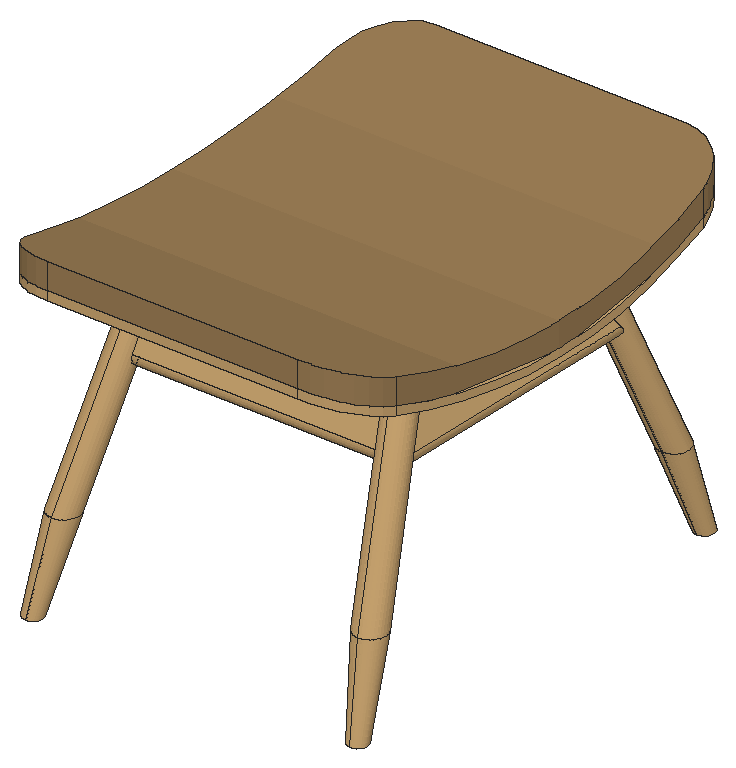
Revit family "Furniture_Chair_ECO 501REP", category Furniture, Revit 2019
Family settings
  OmniClass Number = 23.21.23.15.17
  Work Plane-Based = Yes
  Always vertical = No
  Cut with Voids When Loaded = No
  Shared = No
  Room Calculation Point = No
Parameters (values of type "ECO 501REP")
  Youtube clip = ""
  Uniformat II Description = "Movable Furnishings"
  Uniformat II Code = ""
  Uniclass 2015 Name = ""
  Uniclass 2015 Code = ""
  Uniclass 2.0 Description = ""
  Uniclass 2.0 Code = ""
  Uniclass 1.4 Description = ""
  Uniclass 1.4 Code = ""
  UNSPSC Code = ""
  Technical description = ""
  Shell Material = Leather - Percentage AK016
  Frame Material = Wood - OAK - Natual OAK
  Region South America = "All"
  Region Oceania = "All"
  Region North America = "All"
  Region Middle East = "All"
  Region Europe = "All"
  Region Asia = "All"
  Region Antarctica = "All"
  Region Africa = "All"
  QR code = "https://www.sandlerseating.com/product/eco-501rep/"
  Product url = "https://www.sandlerseating.com/product/eco-501rep/"
  Product name = "ECO 501REP"
  Product group = "Chair"
  Product family = "Furniture"
  Product data url = "https://www.sandlerseating.com/product/eco-501rep/"
  Product certification = ""
  Product SKU = "??"
  Product Guid = "??"
  OmniClass Description = ""
  OmniClass Code = "23-21 23 15 17"
  NBS Reference Description = ""
  NBS Reference Code = ""
  Model = "ECO 501REP"
  Masterformat 2014 Description = "Chair Mats"
  Masterformat 2014 Code = "12 48 43.13"
  Manufacturer name = "Sandler"
  Manufacturer country = "USA"
  Manufacturer = "Sandler"
  Installation instructions = ""
  IFC Classification = "Furnishing Element"
  GTIN code = ""
  Edition number = 1
  Design country = "Brasil"
  Description = "Chair"
  Default Elevation = 0.000 mm
  Date of publishing = ""
  COBIe Type Category = ""
  Brand url = "https://www.sandlerseating.com/"
  BIMobject main category code = "furniture"
  BIMobject main category = "Furniture"
  BIMobject category code = "furniture-chair"
  BIMobject category = "Chair"
Reference planes
  plane 1 "Center Front/Back": y = 0
  plane 2: z = 0
  plane 3 "Center Left/Right": x = 0
Dimensions and locks
  aligned and locked: level to plane 2
Nested families
  nested 1: "BS03 - ECO" at (0, 0, 0) x (0, 1, 0) z (0, 0, 1), Frame Material <- "Frame Material", type "BS03 - ECO"
    with Frame Material Wood - OAK - Natual OAK
  nested 2: "TP04 - ECO" at (15, 0, 235) x (0, 1, 0) z (0, 0, 1), Frame Material <- "Frame Material", Seat Material <- "Shell Material", type "TP04 - ECO"
    with Seat Material Leather - Percentage AK016, Frame Material Wood - OAK - Natual OAK
Definition of nested family "BS03 - ECO"
  Parameters (values of type "BS03 - ECO")
    Frame Material [instance] = none
  Reference planes
    plane 1 "Center (Front/Back)": y = 0
    plane 2: z = 0
    plane 3 "Center (Left/Right)": x = 0
  Forms (mm)
    Blend 1, solid, material <- "Frame Material"
      base sketch origin (19.195, 92.711, 238.7) x (-1, 0, 0) y (0, -1, 0)
        loop
          circle (-124.451, 249.076) r 18.23
      top sketch origin (19.195, 92.711, 238.7) x (-1, 0, 0) y (0, -1, 0)
        loop
          circle (-211.713, 279.42) r 18.5
      from 81.3 to -135
    Blend 2, solid, material <- "Frame Material"
      base sketch origin (18.252, 75.036, 238.7) x (-1, 0, 0) y (0, -1, 0)
        loop
          circle (-212.61, 261.785) r 18.5
      top sketch origin (18.252, 75.036, 238.7) x (-1, 0, 0) y (0, -1, 0)
        loop
          circle (-245.676, 272.741) r 11.619
      from -135 to -238.7
    Revolve 3, solid, material <- "Frame Material"
      sketch origin (-10, -156.365, -28.118) x (1, 0, 0) y (0, 0, 1)
        loop
          arc (153.646, 359.975) -> (142.773, 356.75) -> (135.417, 348.118) r 19.942
          line (135.417, 348.118) -> (153.646, 348.118) -> (153.646, 359.975)
        axis (153.646, 348.118) -> (153.646, 359.975)
      angle from 0 to 360
    Blend 4, solid, material <- "Frame Material"
      base sketch origin (-19.195, 92.711, 238.7) x (1, 0, 0) y (0, 1, 0)
        loop
          circle (-124.451, -249.076) r 18.23
      top sketch origin (-19.195, 92.711, 238.7) x (1, 0, 0) y (0, 1, 0)
        loop
          circle (-211.713, -279.42) r 18.5
      from 81.3 to -135
    Blend 5, solid, material <- "Frame Material"
      base sketch origin (-18.252, 75.036, 238.7) x (1, 0, 0) y (0, 1, 0)
        loop
          circle (-212.61, -261.785) r 18.5
      top sketch origin (-18.252, 75.036, 238.7) x (1, 0, 0) y (0, 1, 0)
        loop
          circle (-245.676, -272.741) r 11.619
      from -135 to -238.7
    Revolve 6, solid, material <- "Frame Material"
      sketch origin (10, -156.365, -28.118) x (-1, 0, 0) y (0, 0, -1)
        loop
          line (153.646, -359.975) -> (153.646, -348.118) -> (135.417, -348.118)
          arc (135.417, -348.118) -> (142.773, -356.75) -> (153.646, -359.975) r 19.942
        axis (153.646, -348.118) -> (153.646, -359.975)
      angle from 0 to 360
    Blend 7, solid, material <- "Frame Material"
      base sketch origin (19.195, -92.94, 238.7) x (-1, 0, 0) y (0, -1, 0)
        loop
          circle (-124.451, -249.076) r 18.23
      top sketch origin (19.195, -92.94, 238.7) x (-1, 0, 0) y (0, -1, 0)
        loop
          circle (-211.713, -279.42) r 18.5
      from 81.3 to -135
    Blend 8, solid, material <- "Frame Material"
      base sketch origin (18.252, -75.264, 238.7) x (-1, 0, 0) y (0, -1, 0)
        loop
          circle (-212.61, -261.785) r 18.5
      top sketch origin (18.252, -75.264, 238.7) x (-1, 0, 0) y (0, -1, 0)
        loop
          circle (-245.676, -272.741) r 11.619
      from -135 to -238.7
    Revolve 9, solid, material <- "Frame Material"
      sketch origin (-10, 156.137, -28.118) x (1, 0, 0) y (0, 0, -1)
        loop
          line (153.646, -359.975) -> (153.646, -348.118) -> (135.417, -348.118)
          arc (135.417, -348.118) -> (142.773, -356.75) -> (153.646, -359.975) r 19.942
        axis (153.646, -348.118) -> (153.646, -359.975)
      angle from 0 to 360
    Blend 10, solid, material <- "Frame Material"
      base sketch origin (-19.195, -92.94, 238.7) x (1, 0, 0) y (0, 1, 0)
        loop
          circle (-124.451, 249.076) r 18.23
      top sketch origin (-19.195, -92.94, 238.7) x (1, 0, 0) y (0, 1, 0)
        loop
          circle (-211.713, 279.42) r 18.5
      from 81.3 to -135
    Blend 11, solid, material <- "Frame Material"
      base sketch origin (-18.252, -75.264, 238.7) x (1, 0, 0) y (0, 1, 0)
        loop
          circle (-212.61, 261.785) r 18.5
      top sketch origin (-18.252, -75.264, 238.7) x (1, 0, 0) y (0, 1, 0)
        loop
          circle (-245.676, 272.741) r 11.619
      from -135 to -238.7
    Revolve 12, solid, material <- "Frame Material"
      sketch origin (10, 156.137, -28.118) x (-1, 0, 0) y (0, 0, 1)
        loop
          arc (153.646, 359.975) -> (142.773, 356.75) -> (135.417, 348.118) r 19.942
          line (135.417, 348.118) -> (153.646, 348.118) -> (153.646, 359.975)
        axis (153.646, 348.118) -> (153.646, 359.975)
      angle from 0 to 360
    Extrusion 13, solid, material <- "Frame Material"
      sketch origin (0, 0, 0) x (1, 0, 0) y (0, 0, 1)
        loop
          line (140.934, 297.631) -> (157.061, 255.62)
          arc (157.061, 255.62) -> (162.329, 250.068) -> (169.98, 249.868) r 10
          arc (169.98, 249.868) -> (175.532, 255.136) -> (175.732, 262.787) r 10
          line (175.732, 262.787) -> (159.606, 304.798)
          arc (159.606, 304.798) -> (154.337, 310.35) -> (146.686, 310.55) r 10
          arc (146.686, 310.55) -> (141.135, 305.282) -> (140.934, 297.631) r 10
      from -150.081 to 152.052
    Extrusion 14, solid, material <- "Frame Material"
      sketch origin (0, 0, 0) x (-1, 0, 0) y (0, 0, -1)
        loop
          arc (140.934, -297.631) -> (141.135, -305.282) -> (146.686, -310.55) r 10
          arc (146.686, -310.55) -> (154.337, -310.35) -> (159.606, -304.798) r 10
          line (159.606, -304.798) -> (175.732, -262.787)
          arc (175.732, -262.787) -> (175.532, -255.136) -> (169.98, -249.868) r 10
          arc (169.98, -249.868) -> (162.329, -250.068) -> (157.061, -255.62) r 10
          line (157.061, -255.62) -> (140.934, -297.631)
      from -150.081 to 152.052
    Extrusion 15, solid, material <- "Frame Material"
      sketch origin (0.985, -4.735, 0) x (0, -1, 0) y (0, 0, 1)
        loop
          line (140.934, 297.631) -> (157.061, 255.62)
          arc (157.061, 255.62) -> (162.329, 250.068) -> (169.98, 249.868) r 10
          arc (169.98, 249.868) -> (175.532, 255.136) -> (175.732, 262.787) r 10
          line (175.732, 262.787) -> (159.606, 304.798)
          arc (159.606, 304.798) -> (154.337, 310.35) -> (146.686, 310.55) r 10
          arc (146.686, 310.55) -> (141.135, 305.282) -> (140.934, 297.631) r 10
      from -160.925 to 159.919
    Extrusion 16, solid, material <- "Frame Material"
      sketch origin (0.985, 2.765, 0) x (0, 1, 0) y (0, 0, -1)
        loop
          arc (140.934, -297.631) -> (141.135, -305.282) -> (146.686, -310.55) r 10
          arc (146.686, -310.55) -> (154.337, -310.35) -> (159.606, -304.798) r 10
          line (159.606, -304.798) -> (175.732, -262.787)
          arc (175.732, -262.787) -> (175.532, -255.136) -> (169.98, -249.868) r 10
          arc (169.98, -249.868) -> (162.329, -250.068) -> (157.061, -255.62) r 10
          line (157.061, -255.62) -> (140.934, -297.631)
      from -160.925 to 159.919
  Dimensions and locks
    aligned and locked: level to plane 2
Definition of nested family "TP04 - ECO"
  Parameters (values of type "TP04 - ECO")
    Seat Material [instance] = none
    Frame Material [instance] = none
  Reference planes
    plane 1 "Center (Front/Back)": y = 0
    plane 2: z = 0
    plane 3 "Center (Left/Right)": x = 0
  Forms (mm)
    Extrusion 1, solid, material <- "Frame Material"
      sketch origin (0, 0, -238.7) x (1, 0, 0) y (0, 0, 1)
        loop
          arc (-324.466, 386.877) -> (1.56, 320.51) -> (327.607, 386.779) r 834.596
          line (327.607, 386.779) -> (323.855, 396.05)
          arc (323.855, 396.05) -> (1.645, 330.51) -> (-320.558, 396.082) r 824.596
          line (-320.558, 396.082) -> (-324.466, 386.877)
      from -261.465 to 230.74
    Extrusion 2, solid, material <- "Seat Material"
      sketch origin (0, 0, -228.7) x (1, 0, 0) y (0, 0, 1)
        loop
          arc (-324.466, 386.877) -> (1.56, 320.51) -> (327.607, 386.779) r 834.596
          line (327.607, 386.779) -> (315.444, 415.079)
          arc (315.444, 415.079) -> (1.565, 350.51) -> (-312.294, 415.174) r 794.596
          line (-312.294, 415.174) -> (-324.466, 386.877)
      from -261.465 to 230.74
    Extrusion 3, void
      sketch origin (0, 0, 0) x (-1, 0, 0) y (0, -1, 0)
        loop
          arc (295.546, 134.787) -> (277.835, 181.326) -> (233.664, 204.315) r 70
          arc (233.664, 204.315) -> (0, 217.91) -> (-233.664, 204.315) r 2014.815
          arc (-233.664, 204.315) -> (-277.835, 181.326) -> (-295.546, 134.787) r 70
          line (-295.546, 134.787) -> (-295.546, -169.787)
          arc (-295.546, -169.787) -> (-277.835, -216.326) -> (-233.664, -239.315) r 70
          arc (-233.664, -239.315) -> (0, -252.91) -> (233.664, -239.315) r 2014.815
          arc (233.664, -239.315) -> (277.835, -216.326) -> (295.546, -169.787) r 70
          line (295.546, -169.787) -> (295.546, 134.787)
        loop
          line (360.426, -287.489) -> (360.426, 252.511) -> (-359.574, 252.511) -> (-359.574, -287.489) -> (360.426, -287.489)
      from 0 to 250
  Cuts and joins
    Extrusion 3 cuts Extrusion 1
    Extrusion 3 cuts Extrusion 2
  Dimensions and locks
    aligned and locked: level to plane 2
